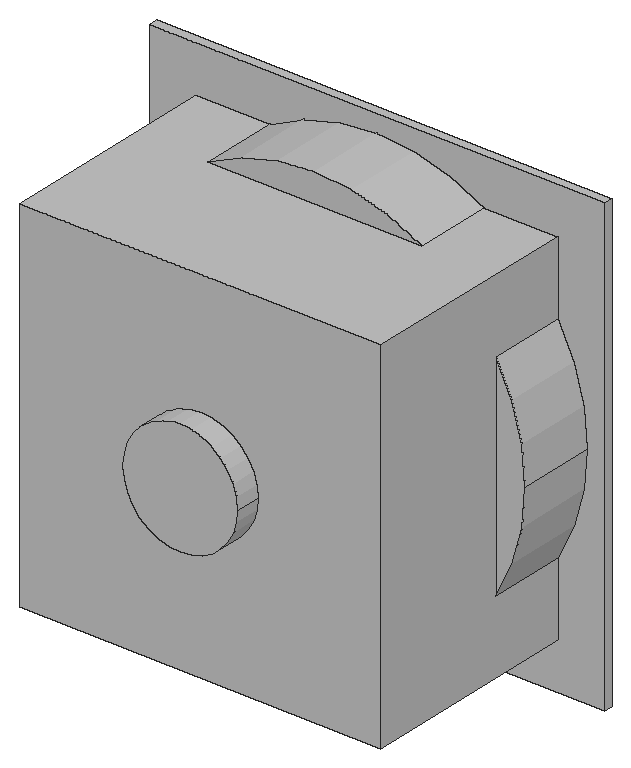
Revit family "ewf_ewg-40_80eta2_fta2_jta2_lta2-pr(-50)_50Hz", category 機械設備, Revit 2019
Family settings
  丸型コネクタ寸法 = 直径を使用
  パーツ タイプ = 標準
  OmniClass 番号 = 23.75.35.21.17
  OmniClass タイトル = Industrial Ventilating Equipment
  作業面ベース = いいえ
  常に垂直 = はい
  ロード時にボイドで切り取り = はい
  共有 = いいえ
  部屋計算ポイント = はい
Parameters (values of type "EWF-40ETA2-PR_200V")
  騒音レベル(dB(A)) [instance] = 46
  風量 [instance] = 設計風量  # 0.0 m³/h
  電源種別 [instance] = ""
  電圧 = 200 V
  電動機出力 = 400 W
  電動機_種別 [instance] = ""
  運転質量 = 0.00 kg
  連動 [instance] = ""
  質量 = if(製品質量 > 運転質量, 製品質量, 運転質量) * 1.2  # 17.16 kg
  負荷分類 = 3_ファン類
  説明 = "産業用有圧換気扇 防錆タイプ"
  設計風量 [instance] = 0.0 m³/h
  設置方法 = "壁付"
  記号 [instance] = ""
  製造元 = "三菱電機株式会社"
  製品質量 = 14.30 kg
  製品出荷対象 = "国内"
  製品リリース年月 = "2022年6月1日"
  製品グループ = ""
  羽根径 = "∅400"
  レグ_Depth = 262.4 mm
  系統 [instance] = ""
  符号 [instance] = if(☑給気／□排気, "FS", "FE")  # "FE"
  積算_科目 = ""
  積算_拾い区分 [instance] = ""
  相 = 3
  盤記号 [instance] = ""
  盤工事区分 = ""
  発停方法 [instance] = ""
  特殊仕様 [instance] = ""
  火災停止 [instance] = ""
  消費電力 = 225 W
  法定耐用年数 = "15"
  極数 = 3
  極 = 4
  材質 [instance] = ""
  操作・制御方式 = ""
  操作・制御スイッチ = ""
  排気量 [instance] = if(☑給気／□排気, 0.0 m³/h, 設計風量)  # 0.0 m³/h
  形式 = ""
  幹線記号 [instance] = ""
  対象室 [instance] = ""
  実風量 [instance] = 0.0 m³/h
  始動方式 [instance] = "直入"
  外気量 [instance] = if(☑給気／□排気, 設計風量, 0.0 m³/h)  # 0.0 m³/h
  呼称 = "有圧扇"
  周波数 = 50 Hz
  参照している仕様書等のバージョン = ""
  分類コード = "50052503100110"
  分類グループ = ""
  価格 = 193000
  企業コード = "108420"
  付属品_防振装置 = ""
  付属品 [instance] = ""
  仕様書バージョン = "Version1.0"
  レグ_Width = 413 mm
  レグ_Height = 413 mm
  モーター径 = 131 mm
  モデル = "EWF-40ETA2-PR"
  フレームの厚さ = 10 mm
  ファンの種類 = "軸流羽根"
  コメント [instance] = ""
  Keynote = ""
  オリフィス_Depth = 99 mm
  ☑給気／□排気 [instance] = no
  Width = 520 mm
  Version = ""
  Uniclass2015Version = "Systems v1.9"
  Uniclass2015Title = "Propeller fans"
  Uniclass2015Code = "Pr_65_67_29_67"
  URL = "https://www.mitsubishielectric.co.jp/ldg/wink/ssl/displayProduct.do?pid=319054"
  SpecificationReference = ""
  SpecificationDescription = ""
  Revision = ""
  ProductInformation = ""
  OmniClassCode = "23-33 31 19 11 17"
  MIN風量 = 0.0 m³/h
  MID風量 = 0.0 m³/h
  MAX風量 = 4800.0 m³/h
  IfcTypeProduct = ""
  IfcProduct = ""
  IfcExportType = "TUBEAXIAL"
  IfcExportAs = "IfcFanType"
  Height = 520 mm
  オリフィス径 = 480 mm
  Depth = 291 mm
  Author = "三菱電機株式会社"
Types (12, lengths in mm): name | 騒音レベル(dB(A)) | 電圧 | 電動機出力 | 質量 | 製品質量 | 羽根径 | レグ_Depth | 消費電力 | 極 | 価格 | レグ_Width | レグ_Height | モーター径 | モデル | フレームの厚さ | オリフィス_Depth | Width | URL | MAX風量 | Height | オリフィス径 | Depth
  EWF-40ETA2-PR_200V | 46 | 200 V | 400 W | 17.16 kg | 14.30 kg | "∅400" | 262.4 | 225 W | 4 | 193000 | 413 | 413 | 131 | "EWF-40ETA2-PR" | 10 | 99 | 520 | "https://www.mitsubishielectric.co.jp/ldg/wink/ssl/displayProduct.do?pid=319054" | 4800.0 m³/h | 520 | 480 | 291
  EWF-40ETA2-PR_220V | 46 | 220 V | 400 W | 17.16 kg | 14.30 kg | "∅400" | 262.4 | 245 W | 4 | 193000 | 413 | 413 | 131 | "EWF-40ETA2-PR" | 10 | 99 | 520 | "https://www.mitsubishielectric.co.jp/ldg/wink/ssl/displayProduct.do?pid=319054" | 4800.0 m³/h | 520 | 480 | 291
  EWF-50FTA2-PR_200V | 49.5 | 200 V | 750 W | 23.52 kg | 19.60 kg | "∅500" | 266.4 | 340 W | 4 | 241000 | 522 | 522 | 131 | "EWF-50FTA2-PR" | 10 | 84 | 620 | "https://www.mitsubishielectric.co.jp/ldg/wink/ssl/displayProduct.do?pid=319065" | 6900.0 m³/h | 620 | 590 | 295
  EWF-50FTA2-PR_220V | 49.5 | 220 V | 750 W | 23.52 kg | 19.60 kg | "∅500" | 266.4 | 365 W | 4 | 241000 | 522 | 522 | 131 | "EWF-50FTA2-PR" | 10 | 84 | 620 | "https://www.mitsubishielectric.co.jp/ldg/wink/ssl/displayProduct.do?pid=319065" | 6900.0 m³/h | 620 | 590 | 295
  EWG-50ETA2-PR_200V | 43 | 200 V | 400 W | 21.96 kg | 18.30 kg | "∅500" | 286.4 | 260 W | 6 | 224000 | 514 | 514 | 131 | "EWG-50ETA2-PR" | 10 | 84 | 620 | "https://www.mitsubishielectric.co.jp/ldg/wink/ssl/displayProduct.do?pid=318816" | 6060.0 m³/h | 620 | 590 | 315
  EWG-50ETA2-PR_220V | 43.5 | 220 V | 400 W | 21.96 kg | 18.30 kg | "∅500" | 286.4 | 290 W | 6 | 224000 | 514 | 514 | 131 | "EWG-50ETA2-PR" | 10 | 84 | 620 | "https://www.mitsubishielectric.co.jp/ldg/wink/ssl/displayProduct.do?pid=318816" | 6060.0 m³/h | 620 | 590 | 315
  EWG-60ETA2-PR_200V | 45.5 | 200 V | 400 W | 24.00 kg | 20.00 kg | "∅600" | 262.4 | 235 W | 6 | 249000 | 604 | 604 | 131 | "EWG-60ETA2-PR" | 10 | 119 | 710 | "https://www.mitsubishielectric.co.jp/ldg/wink/ssl/displayProduct.do?pid=318819" | 7860.0 m³/h | 710 | 703 | 291
  EWG-60ETA2-PR_220V | 45.5 | 220 V | 400 W | 24.00 kg | 20.00 kg | "∅600" | 262.4 | 250 W | 6 | 249000 | 604 | 604 | 131 | "EWG-60ETA2-PR" | 10 | 119 | 710 | "https://www.mitsubishielectric.co.jp/ldg/wink/ssl/displayProduct.do?pid=318819" | 7860.0 m³/h | 710 | 703 | 291
  EWG-60FTA2-PR_200V | 46.5 | 200 V | 750 W | 31.08 kg | 25.90 kg | "∅600" | 308.6 | 380 W | 6 | 296000 | 612 | 612 | 163 | "EWG-60FTA2-PR" | 10 | 119 | 710 | "https://www.mitsubishielectric.co.jp/ldg/wink/ssl/displayProduct.do?pid=318824" | 9420.0 m³/h | 710 | 703 | 347
  EWG-60FTA2-PR_220V | 46.5 | 220 V | 750 W | 31.08 kg | 25.90 kg | "∅600" | 308.6 | 406 W | 6 | 296000 | 612 | 612 | 163 | "EWG-60FTA2-PR" | 10 | 119 | 710 | "https://www.mitsubishielectric.co.jp/ldg/wink/ssl/displayProduct.do?pid=318824" | 9420.0 m³/h | 710 | 703 | 347
  EWG-70JTA2-PR-50 | 61 | 200 V | 3700 W | 66.00 kg | 55.00 kg | "∅700" | 325 | 1220 W | 6 | 688000 | 714 | 714 | 289 | "EWG-70JTA2-PR-50" | 35 | 90 | 860 | "https://www.mitsubishielectric.co.jp/ldg/wink/ssl/displayProduct.do?pid=318976" | 19500.0 m³/h | 860 | 846 | 406
  EWG-80LTA2-PR-50 | 64 | 200 V | 7500 W | 87.60 kg | 73.00 kg | "∅800" | 353 | 2040 W | 6 | 953000 | 782 | 782 | 289 | "EWG-80LTA2-PR-50" | 35 | 96 | 950 | "https://www.mitsubishielectric.co.jp/ldg/wink/ssl/displayProduct.do?pid=318982" | 27000.0 m³/h | 950 | 938 | 450
Reference planes
  plane 1 "中心(正面/背面)": y = 0
  plane 2: z = 0
  plane 3 "中心(左/右)": x = 0
  plane 4: z = 0
  plane 5: through (212.832, -1524, 243.759) normal (-0.6508, 0, -0.7593)
  plane 6: through (-212.884, -1524, -243.751) normal (0.6508, 0, 0.7593)
  plane 7: through (208.307, -1524, -247.63) normal (-0.6508, 0, 0.7593)
  plane 8: z = 260
  plane 9: z = -260
  plane 10 "左": x = -260
  plane 11 "右": x = 260
  plane 12 "正面": y = -291
  plane 13: y = -10
  plane 14: through (-208.307, -1524, -247.63) normal (-0.6508, 0, -0.7593)
  plane 15: y = -41
  plane 16: y = 59
  plane 17: x = -250
  plane 18: x = 250
  plane 19: y = -99
  plane 20: y = -262.4
  plane 21: x = -206.5
  plane 22: x = 206.5
  plane 23: z = 206.5
  plane 24: z = -206.5
Forms (mm)
  Extrusion 1, solid, detail levels fine
    sketch origin (0, 0, 0) x (1, 0, 0) y (0, 1, 0)
      loop
        line (-260, 0) -> (-260, -10) -> (260, -10) -> (260, 0) -> (-260, 0)
    from -260 to 260
  Extrusion 2, solid, detail levels fine
    sketch origin (140, -23.659, 0) x (-1, 0, 0) y (0, 0, -1)
      loop
        circle (140, 0) r 65.5
    from 238.741 to 267.341
  Extrusion 3, solid
    sketch origin (0, -153.783, 0) x (1, 0, 0) y (0, 0, 1)
      loop
        circle (0, 0) r 240
    from -143.783 to -54.783
  Extrusion 4, solid
    sketch origin (0, 0, 0) x (1, 0, 0) y (0, 0, 1)
      loop
        line (-206.5, 206.5) -> (-206.5, -206.5) -> (206.5, -206.5) -> (206.5, 206.5) -> (-206.5, 206.5)
    from 10 to 262.4
Cuts and joins
  joined: Extrusion 3, Extrusion 4
Lines and regions (mm)
  Masking region 1, detail levels coarse+medium
    outline origin (0, 0, 0) x (1, 0, 0) y (0, 1, 0)
      loop
        line (-250, -291) -> (250, -291) -> (250, -41) -> (-250, -41) -> (-250, -291)
  Masking region 2, detail levels coarse+medium
    outline origin (0, 0, 0) x (1, 0, 0) y (0, 1, 0)
      loop
        line (-224, -41) -> (224, -41) -> (224, 59) -> (-224, 59) -> (-224, -41)
  symbolic lines, detail levels coarse+medium
    curve 1: circle (224, -278.4, 0) r 115 normal (0, 0, 1)
    curve 2: circle (-224, -278.4, 0) r 115 normal (0, 0, -1)
Dimensions and locks
  level to plane 4 = 0 mm
  equal spacing: plane 8, level, plane 9
  "Depth": plane 12 "正面" to plane 1 "中心(正面/背面)"  (x2)
  "Width": plane 10 "左" to plane 11 "右"
  "Height": plane 8 to plane 9
  "フレームの厚さ": plane 13 to plane 1 "中心(正面/背面)"
  plane 12 "正面" to plane 15 to plane 16 = 250 mm locked, 100 mm locked
  locked: plane 17 to plane 18 at 500
  "オリフィス_Depth": plane 1 "中心(正面/背面)" to plane 19
  "レグ_Depth": plane 1 "中心(正面/背面)" to plane 20
  equal spacing: plane 10 "左", plane 3 "中心(左/右)", plane 11 "右"
  equal spacing: plane 22, plane 3 "中心(左/右)", plane 21
  "レグ_Width": plane 22 to plane 21
  equal spacing: plane 23, level, plane 24
  "レグ_Height": plane 23 to plane 24
  "オリフィス径": diameter of Extrusion 3 sketch curve
  "モーター径": diameter of Extrusion 2 sketch curve
  aligned and locked: level to plane 2
  aligned and locked: Extrusion 1 to plane 8
  aligned and locked: plane 10 "左" to Extrusion 1
  aligned and locked: Extrusion 1 to plane 11 "右"
  aligned and locked: plane 9 to Extrusion 1
  aligned and locked: Extrusion 1 to plane 13
  aligned and locked: Extrusion 1 to plane 1 "中心(正面/背面)"  (x5)
  aligned and locked: plane 12 "正面" to Extrusion 2
  aligned and locked: plane 1 "中心(正面/背面)" to Extrusion 1  (x2)
  aligned and locked: plane 4 to Extrusion 2 sketch curve
  aligned and locked: plane 12 "正面" to Masking region 1 sketch curve
  aligned and locked: plane 17 to Masking region 1 sketch curve
  aligned and locked: plane 15 to Masking region 1 sketch curve
  aligned and locked: plane 18 to Masking region 1 sketch curve
  aligned and locked: Masking region 2 sketch curve to plane 15
  aligned and locked: plane 16 to Masking region 2 sketch curve
  aligned and locked: Extrusion 3 to Extrusion 1
  aligned and locked: Extrusion 3 to plane 19
  aligned and locked: plane 20 to Extrusion 2
  aligned and locked: Extrusion 4 to Extrusion 2
  aligned and locked: Extrusion 4 to Extrusion 1
  aligned and locked: Extrusion 4 to plane 21
  aligned and locked: plane 23 to Extrusion 4
  aligned and locked: plane 22 to Extrusion 4
  aligned and locked: Extrusion 4 to plane 24
Automatic sketch dimensions
  Extrusion 1 sketch curve to plane 10 "左" = 0 mm
  Extrusion 1 sketch curve to plane 11 "右" = 0 mm
  Extrusion 1 sketch curve to plane 13 = 0 mm
  plane 1 "中心(正面/背面)" to Extrusion 1 sketch curve = 0 mm
  Extrusion 3 sketch curve to level = 0 mm
  Extrusion 3 sketch curve to plane 3 "中心(左/右)" = 0 mm
  curve 2 to plane 20 = 16 mm
  curve 1 to plane 20 = 16 mm
  curve 2 to plane 10 "左" = 36 mm
  Masking region 2 sketch curve to plane 10 "左" = 36 mm
  plane 11 "右" to curve 1 = 36 mm
  plane 11 "右" to Masking region 2 sketch curve = 36 mm
  Extrusion 2 sketch curve to plane 3 "中心(左/右)" = 0 mm
  Extrusion 4 sketch curve to plane 21 = 0 mm
  plane 22 to Extrusion 4 sketch curve = 0 mm
  Extrusion 4 sketch curve to plane 24 = 0 mm
  plane 23 to Extrusion 4 sketch curve = 0 mm
  radius of curve 1 = 115 mm
  radius of curve 2 = 115 mm
Connectors
  electrical at (260, -5, 0), driven by "電圧", driven by "負荷分類", driven by "消費電力", driven by "極数"
    settings: on Extrusion 1, index 2, voltage 200 V, apparent load 225 VA, apparent load phase1 0 VA, apparent load phase2 0 VA, apparent load phase3 0 VA, power factor 1, load classification "3_ファン類", number of poles 3, system type 30, power factor state 1, is connector primary yes, connector utility no, sub classification motor no, connector description ""
